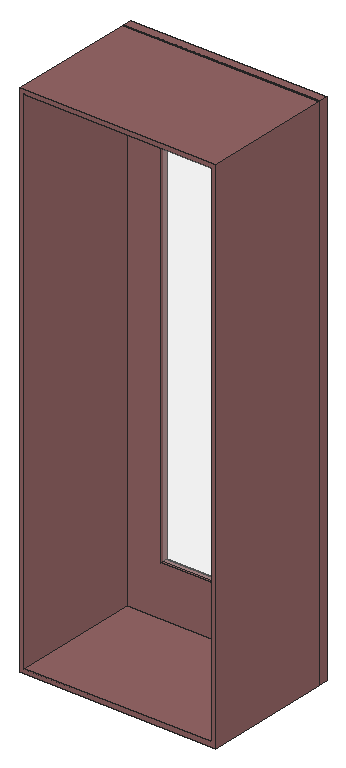
Revit family
Parameters (values of type "305 x 215 x 813mm")
  Cabinet Material = Metal - Paint Finish - Indian Red, Matte
  Depth = 215.00 mm
  Glass Pane Material = Glass
  Height = 813.00 mm
  Mounting Height = 915.00 mm
  Width = 305.00 mm
Types (4, lengths in mm): name | Depth | Height | Width
  (no name) | 215.00 | 813.00 | 305.00
  240 x 115 x 610mm | 115.00 | 610.00 | 240.00
  280 x 152 x 660mm | 152.00 | 660.00 | 280.00
  305 x 215 x 813mm | 215.00 | 813.00 | 305.00
Reference planes
  plane 1: y = 0
  plane 2 "Center": x = -109.648
  plane 3: x = 42.852
  plane 4: x = -262.148
  plane 5: z = 1728
  plane 6: x = -14.298
  plane 7: x = -204.998
  plane 8: z = 915
  plane 9: y = 291.2
  plane 10: y = 76.2
  plane 11: y = 275.325
Forms (mm)
  Extrusion 1, solid, material "Metal - Paint Finish - Indian Red, Matte" <- "Cabinet Material"
    sketch origin (0, 291.2, 0) x (0, 0, -1) y (-1, 0, 0)
      loop
        line (-1728, -42.852) -> (-915, -42.852) -> (-915, 262.148) -> (-1728, 262.148) -> (-1728, -42.852)
      loop
        line (-1645.45, 14.298) -> (-997.55, 14.298) -> (-997.55, 204.998) -> (-1645.45, 204.998) -> (-1645.45, 14.298)
    from 0 to -12.7
  Extrusion 2, solid, material "Glass" <- "Glass Pane Material"
    sketch origin (0, 291.2, 0) x (0, 0, -1) y (-1, 0, 0)
      loop
        line (-1645.45, 14.298) -> (-997.55, 14.298) -> (-997.55, 204.998) -> (-1645.45, 204.998) -> (-1645.45, 14.298)
    from -3.175 to -9.525
  Extrusion 3, solid, material "Metal - Paint Finish - Indian Red, Matte" <- "Cabinet Material"
    sketch origin (0, 76.2, 0) x (0, 0, -1) y (-1, 0, 0)
      loop
        line (-1728, -42.852) -> (-915, -42.852) -> (-915, 262.148) -> (-1728, 262.148) -> (-1728, -42.852)
      loop
        line (-1721.65, -36.502) -> (-921.35, -36.502) -> (-921.35, 255.798) -> (-1721.65, 255.798) -> (-1721.65, -36.502)
    from 0 to 199.125
Lines and regions (mm)
  symbolic lines
    curve 1: line (-262.148, 275.325, 0) -> (42.852, 275.325, 0)
    curve 2: line (-262.148, 288.025, 0) -> (42.852, 288.025, 0)
    curve 3: line (-262.148, 76.2, 0) -> (-262.148, 288.025, 0)
    curve 4: line (42.852, 76.2, 0) -> (-262.148, 76.2, 0)
    curve 5: line (42.852, 288.025, 0) -> (42.852, 76.2, 0)
Text (mm)
  text "Front" at (0, 1019.848, 3124.603), in view "Right"
  text "Front" at (-811.708, 558.621, 0), in view "Ref. Level"
  text "Front" at (0, 983.686, 2265.984), in view "Left"
Dimensions and locks
  "Width": plane 3 to plane 4
  equal spacing: plane 3, plane 2 "Center", plane 4
  locked: plane 3 to plane 6 at 57.15
  locked: plane 7 to plane 4 at 57.15
  "Mounting Height": host wall to plane 8
  "Height": plane 8 to plane 5
  "Depth": plane 9 to plane 10
  locked: plane 9 to plane 11 at 15.875
  aligned and locked: host wall to curve 4
  aligned and locked: plane 10 to host wall
  aligned and locked: plane 11 to Extrusion 3
Automatic sketch dimensions
  curve 3 to plane 4 = 0.00 mm
  curve 1 to plane 4 = 0.00 mm
  curve 4 to plane 3 = 0.00 mm
  curve 1 to plane 3 = 0.00 mm
  curve 1 to curve 2 = 12.70 mm
  Extrusion 1 sketch curve to plane 4 = 0.00 mm
  Extrusion 1 sketch curve to plane 5 = 0.00 mm
  Extrusion 1 sketch curve to plane 6 = 0.00 mm
  Extrusion 1 sketch curve to plane 7 = 0.00 mm
  Extrusion 1 sketch curve to plane 8 = 0.00 mm
  Extrusion 1 sketch curve to plane 3 = 0.00 mm
  plane 5 to Extrusion 1 sketch curve = 82.55 mm
  Extrusion 1 sketch curve to plane 8 = 82.55 mm
  Extrusion 2 sketch curve to plane 7 = 0.00 mm
  Extrusion 2 sketch curve to plane 6 = 0.00 mm
  plane 5 to Extrusion 2 sketch curve = 82.55 mm
  Extrusion 2 sketch curve to plane 8 = 82.55 mm
  curve 1 to plane 11 = 0.00 mm
  Extrusion 3 sketch curve to plane 4 = 0.00 mm
  Extrusion 3 sketch curve to plane 5 = 0.00 mm
  Extrusion 3 sketch curve to plane 8 = 0.00 mm
  Extrusion 3 sketch curve to plane 3 = 0.00 mm
  plane 5 to Extrusion 3 sketch curve = 6.35 mm
  Extrusion 3 sketch curve to plane 8 = 6.35 mm
  Extrusion 3 sketch curve to plane 3 = 6.35 mm
  plane 4 to Extrusion 3 sketch curve = 6.35 mm
